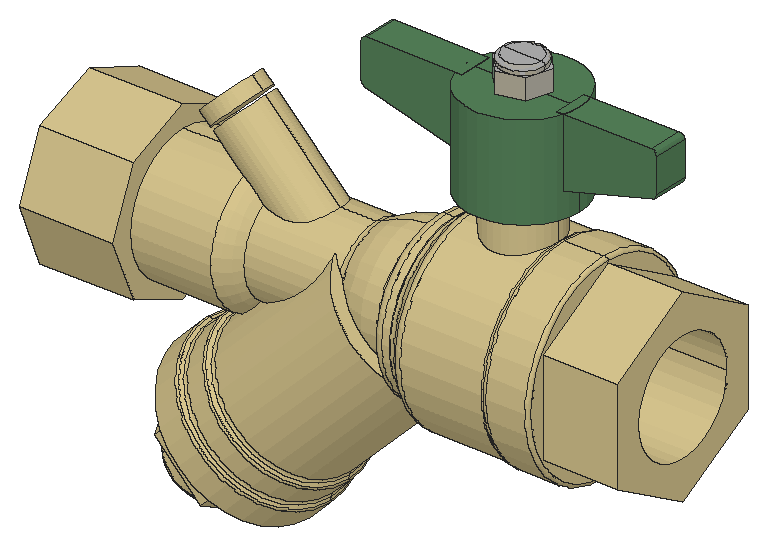
Revit family "QD36360000", category Apparecchi idraulici, Revit 2020
Family settings
  Quota connettore circolare = Usa diametro
  Tipo di parte = Normale
  Numero OmniClass = 23.45.00.00
  Titolo OmniClass = Sanitary, Laundry, and Cleaning Equipment
  Basato su piano di lavoro = No
  Sempre verticale = Sì
  Taglio con vuoti quando caricato = No
  Condiviso = No
  Punto di calcolo locali = No
Parameters
  URL = "https://web.cimberio.it/index.php/figura/1698?subcategoria_id=89"
  Temperatura di esercizio = "-20 ÷ 90°C"
  Prospetto di default = 0 mm
  Produttore = "CIMBERIO SPA"
  Pressione nominale = "PN 20"
  Modello = "Cim 625CRNL"
  Materiale = "Prodotto in lega di ottone conforme alla norma EN 12165-CW511L-DW nelle misure fino a 1\"1/4 e in lega di ottone conforme alla norma EN 1982-CC752S low lead nelle misure da 1\"1/2 a 2\""
  Descrizione = "Utilizzato nei più svariati settori dell'impiantistica: reti di distribuzione acqua potabile, impianti di riscaldamento, condizionamento, igienico-sanitari e in generale con ogni fluido non corrosivo"
  DN Model [instance] = QD36361032 : QD36361032
  DN [instance] = 32 mm
  Commenti sul tipo = "Realizzato in ottemperanza ai requisiti gestionali della norma EN ISO 9001.\r\nCollaudato al 100% secondo la normativa EN 12266-1"
Reference planes
  plane 1 "Centro (Fronte/Retro)": y = 0
  plane 2: z = 0
  plane 3 "Centro (Sinistra/Destra)": x = 0
Dimensions and locks
  aligned and locked: level to plane 2
Nested families
  nested 1: "QD36361032" at (0, 0, 0), type <- "DN Model", type "QD36361032"
    with DN 10 mm
  nested 2: "QD36361032" at (0, 0, 0), type <- "DN Model", type "QD36361032"
    with DN 10 mm
  nested 3: "QD36361032" at (0, 0, 0), type <- "DN Model", type "QD36361032"
    with DN 10 mm
  nested 4: "QD36361032" at (0, 0, 0), type <- "DN Model", type "QD36361032"
    with DN 10 mm
  nested 5: "QD36361032" at (0, 0, 0), type <- "DN Model", type "QD36361032"
    with DN 10 mm
  nested 6: "QD36361032" at (0, 0, 0), type <- "DN Model", type "QD36361032"
    with DN 10 mm
Connectors
  piping at (45.923, 0, 0), diameter 32, driven by "DN"
    settings: on nested 1, index 1, connector inside diameter 609.6 mm, connector length 0 mm, flow factor 0, pipe flow 0.0 L/s, pressure drop 0.0 Pa, fitting loss kfactor 0, connector angle 0.00°, fixture units 0, engagement length 0 mm, angle of deflection 0.00°, flow configuration 0, flow direction 0, fitting loss method 0, system type 7, joint type 0, gender type 0, connector reference index -1, connector utility 0, adjustable connector no, is connector primary yes, connector description ""
  piping at (-124.5, 0, 0), diameter 32, driven by "DN"
    settings: on nested 1, index 2, connector inside diameter 609.6 mm, connector length 0 mm, flow factor 0, pipe flow 0.0 L/s, pressure drop 0.0 Pa, fitting loss kfactor 0, connector angle 0.00°, fixture units 0, engagement length 0 mm, angle of deflection 0.00°, flow configuration 0, flow direction 0, fitting loss method 0, system type 7, joint type 0, gender type 0, connector reference index -1, connector utility 0, adjustable connector no, is connector primary no, connector description ""
Definition of nested family "QD36361032"
  Parameters (values of type "QD36361032")
    Default Elevation = 0 mm
    DN [instance] = 10 mm  # constant formula
  Reference planes
    plane 1 "Centro (Fronte/Retro)": y = 0
    plane 2: z = 0
    plane 3 "Centro (Sinistra/Destra)": x = 0
  Forms (mm)
    Revolve 1, solid
      sketch origin (0, 0, 20.284) x (1, 0, 0) y (0, 0, 1)
        loop
          line (0, 52.016) -> (0, 50.016) -> (6.323, 50.016) -> (6.323, 51.016)
          arc (6.323, 51.016) -> (6.03, 51.723) -> (5.323, 52.016) r 1
          line (5.323, 52.016) -> (0, 52.016)
        axis (0, 52.016) -> (0, 50.016)
      angle from 0 to 360
    Revolve 2, solid
      sketch origin (0, 0, 0) x (1, 0, 0) y (0, 0, 1)
        loop
          arc (23.35, -28.5) -> (24.057, -28.207) -> (24.35, -27.5) r 1
          line (24.35, -27.5) -> (24.35, -16) -> (-19.536, -16) -> (-19.536, -23.5)
          arc (-19.536, -23.5) -> (-18.579, -23.69) -> (-17.768, -24.232) r 2.5
          line (-17.768, -24.232) -> (-15.129, -26.871)
          arc (-15.129, -26.871) -> (-14.155, -27.522) -> (-13.007, -27.75) r 3
          line (-13.007, -27.75) -> (10.198, -27.75)
          arc (10.198, -27.75) -> (10.728, -27.847) -> (11.19, -28.125) r 1.5
          arc (11.19, -28.125) -> (11.652, -28.403) -> (12.182, -28.5) r 1.5
          line (12.182, -28.5) -> (23.35, -28.5)
        axis (24.35, 0) -> (-19.536, 0)
      angle from 0 to 360
    Revolve 3, solid
      sketch origin (0, 0, 0) x (1, 0, 0) y (0, 0, 1)
        loop
          line (-19.536, 23.5) -> (-21.751, 23.5)
          arc (-21.751, 23.5) -> (-23.759, 22.729) -> (-24.736, 20.812) r 3.001
          arc (-24.736, 20.812) -> (-25.386, 19.527) -> (-26.726, 19) r 2.024
          arc (-26.726, 19) -> (-33.933, 17.935) -> (-40.592, 14.982) r 26.995
          arc (-40.592, 14.982) -> (-41.376, 14.632) -> (-42.223, 14.5) r 3.243
          line (-42.223, 14.5) -> (-68.686, 14.5)
          arc (-68.686, 14.5) -> (-71.302, 17.084) -> (-74.44, 19) r 15.943
          line (-74.44, 19) -> (-97.652, 19) -> (-97.652, 12) -> (-19.536, 12) -> (-19.536, 23.5)
        axis (-97.652, 0) -> (-19.536, 0)
      angle from 0 to 360
    Extrusion 4, solid
      sketch origin (-11, 0, 0) x (0, 0, 1) y (0, 1, 0)
        loop
          circle (0, 0) r 16
        loop
          line (25, 0) -> (17.678, 17.678) -> (0, 25) -> (-17.678, 17.678) -> (-25, 0) -> (-17.678, -17.678) -> (0, -25) -> (17.678, -17.678) -> (25, 0)
      from 86.652 to 113.5
    Extrusion 5, solid
      sketch origin (66.912, 0, 0) x (0, 0, 1) y (0, 1, 0)
        loop
          circle (0, 0) r 16
        loop
          line (27, 0) -> (13.5, 23.383) -> (-13.5, 23.383) -> (-27, 0) -> (-13.5, -23.383) -> (13.5, -23.383) -> (27, 0)
      from 20.989 to 42.562
    Revolve 6, solid
      sketch origin (0, 0, 4.062) x (1, 0, 0) y (0, 0, 1)
        loop
          line (0, 43.264) -> (0, 20.384) -> (10.25, 20.384) -> (10.25, 43.264) -> (0, 43.264)
        axis (0, 43.264) -> (0, 20.384)
      angle from 0 to 360
    Extrusion 7, solid
      sketch origin (0, 0, 4.062) x (1, 0, 0) y (0, 0, 1)
        loop
          line (-8.5, 38.245) -> (-16, 38.245) -> (-16, 10.666) -> (-8.5, 10.666) -> (-8.5, 38.245)
      from -1.851 to 0
    Revolve 8, solid
      sketch origin (0, 0, 0) x (1, 0, 0) y (0, 0, 1)
        loop
          line (-79.781, 29.781) -> (-56.605, 6.605) -> (-50.595, 12.616) -> (-73.77, 35.791) -> (-79.781, 29.781)
        axis (-79.781, 29.781) -> (-56.605, 6.605)
      angle from 0 to 360
    Revolve 9, solid
      sketch origin (0, 0, 0) x (1, 0, 0) y (0, 0, 1)
        loop
          line (-78.912, -50.912) -> (-61.234, -68.589) -> (-55.469, -62.824)
          arc (-55.469, -62.824) -> (-55.242, -62.474) -> (-55.176, -62.061) r 1.005
          line (-55.176, -62.061) -> (-55.176, -61.032)
          arc (-55.176, -61.032) -> (-55.062, -60.458) -> (-54.737, -59.971) r 1.5
          line (-54.737, -59.971) -> (-50.166, -55.4)
          arc (-50.166, -55.4) -> (-49.946, -55.067) -> (-49.873, -54.675) r 1.001
          line (-49.873, -54.675) -> (-49.873, -53.607)
          arc (-49.873, -53.607) -> (-49.759, -53.033) -> (-49.434, -52.546) r 1.5
          line (-49.434, -52.546) -> (-16.248, -19.361) -> (-31.804, -3.804) -> (-78.912, -50.912)
        axis (-78.912, -50.912) -> (-31.804, -3.804)
      angle from 0 to 360
    Extrusion 10, solid
      sketch origin (-78.912, 0, -50.912) x (0, 1, 0) y (0.707107, 0, -0.707107)
        loop
          line (0, -18.95) -> (16.411, -9.475) -> (16.411, 9.475) -> (0, 18.95) -> (-16.411, 9.475) -> (-16.411, -9.475) -> (0, -18.95)
      from 0 to 10
    Revolve 11, solid
      sketch origin (0, 0, 0) x (1, 0, 0) y (0, 0, 1)
        loop
          line (-93.054, -65.054) -> (-86.336, -71.771)
          arc (-86.336, -71.771) -> (-85.638, -72.064) -> (-84.934, -71.784) r 1
          line (-84.934, -71.784) -> (-79.154, -66.201)
          arc (-79.154, -66.201) -> (-78.45, -65.921) -> (-77.752, -66.214) r 1
          line (-77.752, -66.214) -> (-85.983, -57.983) -> (-93.054, -65.054)
        axis (-93.054, -65.054) -> (-85.983, -57.983)
      angle from 0 to 360
    Extrusion 12, solid
      sketch origin (-79.781, 0, 29.781) x (0.707107, 0, 0.707107) y (0, 1, 0)
        loop
          circle (0, 0) r 8.5
      from 1.116 to 5.5
    Revolve 13, solid
      sketch origin (0, 0, 0) x (1, 0, 0) y (0, 0, 1)
        loop
          line (0, 44.3) -> (1.673, 44.3) -> (1.673, 37.3) -> (16.228, 37.3) -> (16.228, 64.3) -> (0, 64.3) -> (0, 44.3)
        axis (0, 64.3) -> (0, 37.3)
      angle from 0 to 360
    Extrusion 14, solid
      sketch origin (0, 0, 0) x (1, 0, 0) y (0, 0, 1)
        loop
          line (-13.645, 44.534) -> (-13.645, 64.3) -> (-40.927, 64.3)
          arc (-40.927, 64.3) -> (-41.988, 63.861) -> (-42.427, 62.8) r 1.5
          line (-42.427, 62.8) -> (-42.427, 52.951)
          arc (-42.427, 52.951) -> (-42.117, 52.038) -> (-41.315, 51.502) r 1.5
          line (-41.315, 51.502) -> (-15.31, 44.534) -> (-13.645, 44.534)
        loop
          line (13.645, 44.534) -> (15.31, 44.534) -> (41.315, 51.502)
          arc (41.315, 51.502) -> (42.117, 52.038) -> (42.427, 52.951) r 1.5
          line (42.427, 52.951) -> (42.427, 62.8)
          arc (42.427, 62.8) -> (41.988, 63.861) -> (40.927, 64.3) r 1.5
          line (40.927, 64.3) -> (13.645, 64.3) -> (13.645, 44.534)
      from -5.014 to 4.986
    Extrusion 15, solid
      sketch origin (0, 0, 28.55) x (1, 0, 0) y (0, 1, 0)
        loop
          line (7.319, 1.69) -> (2.196, 7.183) -> (-5.123, 5.494) -> (-7.319, -1.69) -> (-2.196, -7.183) -> (5.123, -5.494) -> (7.319, 1.69)
      from 35.75 to 41.75
  Dimensions and locks
    aligned and locked: level to plane 2
